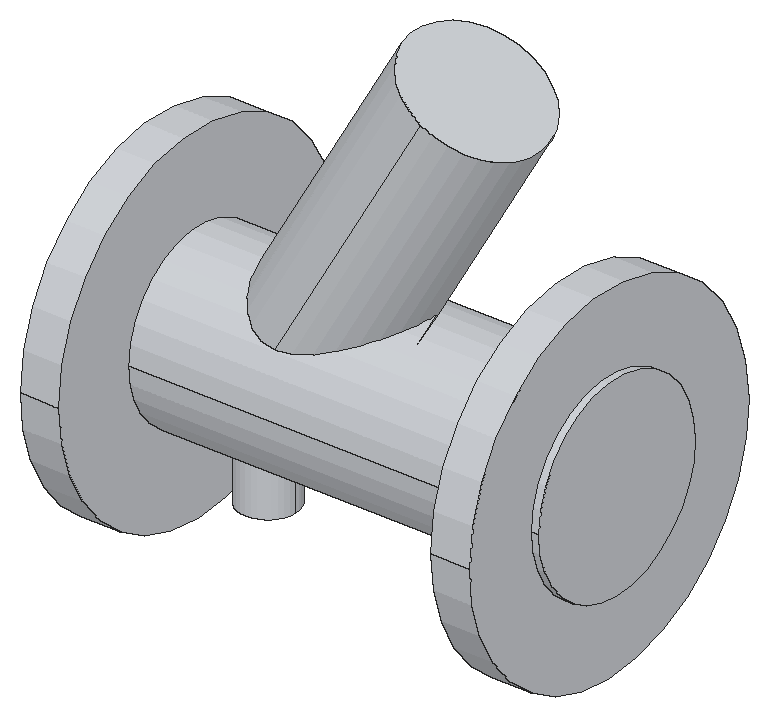
Revit family "HS 821-síto_standard-PN25-DN040-RFA_2019", category Pipe Accessories, Revit 2019
Family settings
  Round Connector Dimension = Use Diameter
  Part Type = Breaks Into
  Work Plane-Based = No
  Always vertical = Yes
  Cut with Voids When Loaded = No
  Shared = No
Parameters (values of type "821D-DN040-PN25-síto_standard")
  magiProductId = "c54511bd7f584ec2984291479612cb"
  magiProductFamilyId = "79214ac3aaa945e397802f559f5c1e"
  magiPartTypeId = 307
  isMeasuringValve [instance] = no
  ang2D [instance] = 0.00°
  ZB__ve = -ZB  # -24.5 mm
  ZB1 = 34.02 mm
  ZB = 24.5 mm
  X2 = 75.777 mm
  X1 = 28 mm
  W2D = 15 mm
  VersionID = "2.0/2017.9.26.1/ZETKAMA_821_001"
  Use Minimum Symbol Size [instance] = yes
  URL = "www.hydronic.cz"
  Type Comments = "Filtr přírubový; síto standardní; A-PN16 (-10~300°C); D-PN25 (-10~350°C); F-PN40 (-10~400°C)"
  S = 84 mm
  QmdConnectorList = "301;D;302;D"
  Productdata [instance] = ""
  Manufacturer = "Hydronic Systems Prague s.r.o."
  MC Product Code = "200 240 (821D; DN040; PN25; kvs37,7; oko síta 1,00mm)"
  LM1 = 16 mm
  LM = 160 mm
  L4 = 50 mm
  L2D_Min = 3048 mm
  L2D = 130 mm
  L2 = 100 mm
  HH2 = 131.25 mm
  FD = 150 mm
  Description = "Filtr přírubový; síto standardní; 821A-PN16; 821D-PN25; 821F-PN40"
  DM1 = 60 mm
  DM = 75.6 mm
  D = 40 mm
  CC = 3.4 mm
  CAT0 = yes
  C1 = 16.6 mm
  C = 20 mm
  BD = 23.814 mm
Types (40, lengths in mm): name | magiProductId | ZB__ve | ZB1 | ZB | X2 | X1 | S | MC Product Code | LM1 | LM | L4 | L2 | HH2 | FD | DM1 | DM | D | CC | C1 | C | BD
  821A-DN015-PN16-síto_standard | "a71bcfe8b393460598b23e8ddf7dc5" | -16.25 | 18.63 | 16.25 | 46.982 | 18.2 | 46 | "200 115 (821A; DN015; PN16; kvs6,3; oko síta 1,00mm)" | 10.4 | 104 | 32.5 | 65 | 81.375 | 95 | 27.6 | 41.4 | 15 | 2.21 | 10.79 | 13 | 13.041
  821A-DN020-PN16-síto_standard | "41cd6c7a12924f4991217528336076" | -17.75 | 22.68 | 17.75 | 51.673 | 21 | 56 | "200 120 (821A; DN020; PN16; kvs11,2; oko síta 1,00mm)" | 12 | 120 | 37.5 | 75 | 89.5 | 105 | 33.6 | 50.4 | 20 | 2.55 | 12.45 | 15 | 15.876
  821A-DN025-PN16-síto_standard | "be378b463ed14c3abf4c9b3ae8cf3a" | -19.25 | 26.325 | 19.25 | 58.601 | 22.4 | 65 | "200 125 (821A; DN025; PN16; kvs14,7; oko síta 1,00mm)" | 12.8 | 128 | 40 | 80 | 101.5 | 115 | 43.2 | 58.5 | 25 | 2.72 | 13.28 | 16 | 18.427
  821A-DN032-PN16-síto_standard | "227a0d18b21540afabe8b6067d35fa" | -23 | 30.78 | 23 | 68.849 | 25.2 | 76 | "200 132 (821A; DN032; PN16; kvs23,7; oko síta 1,00mm)" | 14.4 | 144 | 45 | 90 | 119.25 | 140 | 50.4 | 68.4 | 32 | 3.06 | 14.94 | 18 | 21.546
  821A-DN040-PN16-síto_standard | "d106917c74724141a10440112d0102" | -24.5 | 34.02 | 24.5 | 75.777 | 28 | 84 | "200 140 (821A; DN040; PN16; kvs37,7; oko síta 1,00mm)" | 16 | 160 | 50 | 100 | 131.25 | 150 | 60 | 75.6 | 40 | 3.4 | 16.6 | 20 | 23.814
  821A-DN050-PN16-síto_standard | "8255d456a09e4f6486734f5dd9171b" | -26.75 | 40.095 | 26.75 | 79.061 | 32.2 | 99 | "200 150 (821A; DN050 PN16; kvs57,9; oko síta 1,00mm)" | 18.4 | 184 | 57.5 | 115 | 136.938 | 165 | 73.8 | 89.1 | 50 | 3.91 | 19.09 | 23 | 28.066
  821A-DN065-PN16-síto_standard | "235b1b3e4c0843779a4d5e3716d40a" | -29.75 | 47.79 | 29.75 | 86.927 | 40.6 | 118 | "200 165 (821A; DN065; PN16; kvs101,5; oko síta 1,25mm)" | 23.2 | 232 | 72.5 | 145 | 150.562 | 185 | 94.2 | 106.2 | 65 | 4.93 | 24.07 | 29 | 33.453
  821A-DN080-PN16-síto_standard | "a067f7c5236348ed8c820d16df7214" | -32 | 53.46 | 32 | 104.753 | 43.4 | 132 | "200 180 (821A; DN080; PN16; kvs147,4; oko síta 1,25mm)" | 24.8 | 248 | 77.5 | 155 | 181.438 | 200 | 107.4 | 118.8 | 80 | 5.27 | 25.73 | 31 | 37.422
  821A-DN100-PN16-síto_standard | "c49a648c2747461285837d643703cd" | -35 | 63.18 | 35 | 114.857 | 49 | 156 | "200 190 (821A; DN100; PN16; kvs209,6; oko síta 1,60mm)" | 28 | 280 | 87.5 | 175 | 198.937 | 220 | 131.4 | 140.4 | 100 | 5.95 | 29.05 | 35 | 44.226
  821A-DN125-PN16-síto_standard | "bf68e728a163493cbd2a663b26ebdc" | -39.5 | 74.52 | 39.5 | 131.888 | 56 | 184 | "200 191 (821A; DN125; PN16; kvs326,2; oko síta 1,60mm)" | 32 | 320 | 100 | 200 | 228.438 | 250 | 165 | 165.6 | 125 | 6.8 | 33.2 | 40 | 52.164
  821A-DN150-PN16-síto_standard | "2de770284b654863ae6bc865769dc5" | -44.75 | 85.455 | 44.75 | 155.885 | 67.2 | 211 | "200 192 (821A; DN150; PN16; kvs403; oko síta 1,60mm)" | 38.4 | 384 | 120 | 240 | 270 | 285 | 192 | 189.9 | 150 | 8.16 | 39.84 | 48 | 59.818
  821A-DN200-PN16-síto_standard | "8e5693371ab64aabb29a7f08c76e15" | -53 | 107.73 | 53 | 188.361 | 84 | 266 | "200 193 (821A; DN200; PN16; kvs707; oko síta 1,60mm)" | 48 | 480 | 150 | 300 | 326.25 | 340 | 252 | 239.4 | 200 | 10.2 | 49.8 | 60 | 75.411
  821A-DN250-PN16-síto_standard | "05e37ed948c34047acdd4c42556504" | -62.75 | 129.195 | 62.75 | 255.911 | 102.2 | 319 | "200 194 (821A; DN250; PN16; kvs1234; oko síta 1,60mm)" | 58.4 | 584 | 182.5 | 365 | 443.25 | 405 | 309.6 | 287.1 | 250 | 12.41 | 60.59 | 73 | 90.436
  821A-DN300-PN16-síto_standard | "9ad0af747269428da925480d83ce80" | -71 | 149.85 | 71 | 325.914 | 119 | 370 | "200 195 (821A; DN300; PN16; kvs1916; oko síta 1,60mm)" | 68 | 680 | 212.5 | 425 | 564.5 | 460 | 369.6 | 333 | 300 | 14.45 | 70.55 | 85 | 104.895
  821A-DN350-PN16-síto_standard | "eebc71459bb3451bb4355e7951370a" | -80 | 173.745 | 80 | 356.875 | 137.2 | 429 | "200 196 (821A; DN350; PN16; kvs2621; oko síta 1,60mm)" | 78.4 | 784 | 245 | 490 | 618.125 | 520 | 438 | 386.1 | 350 | 16.66 | 81.34 | 98 | 121.621
  821A-DN400-PN16-síto_standard | "d2f677cb196647e385b2590e7d8abe" | -89 | 194.4 | 89 | 392.237 | 154 | 480 | "200 197 (821A; DN400; PN16; kvs3460; oko síta 1,60mm)" | 88 | 880 | 275 | 550 | 679.375 | 580 | 498 | 432 | 400 | 18.7 | 91.3 | 110 | 136.08
  821D-DN015-PN25-síto_standard | "27ddcbf555414f8ca1fde329bf9087" | -16.25 | 18.63 | 16.25 | 46.982 | 18.2 | 46 | "200 215 (821D; DN015; PN25; kvs6,3; oko síta 1,00mm)" | 10.4 | 104 | 32.5 | 65 | 81.375 | 95 | 27.6 | 41.4 | 15 | 2.21 | 10.79 | 13 | 13.041
  821D-DN020-PN25-síto_standard | "270e0f14012f47189cd0235c18faee" | -17.75 | 22.68 | 17.75 | 51.673 | 21 | 56 | "200 220 (821D; DN020; PN25; kvs11,2; oko síta 1,00mm)" | 12 | 120 | 37.5 | 75 | 89.5 | 105 | 33.6 | 50.4 | 20 | 2.55 | 12.45 | 15 | 15.876
  821D-DN025-PN25-síto_standard | "b9a7fb4aa36643878c637d8e1ab992" | -19.25 | 26.325 | 19.25 | 58.601 | 22.4 | 65 | "200 225 (821D; DN025; PN25; kvs14,7; oko síta 1,00mm)" | 12.8 | 128 | 40 | 80 | 101.5 | 115 | 43.2 | 58.5 | 25 | 2.72 | 13.28 | 16 | 18.427
  821D-DN032-PN25-síto_standard | "6be9a55c4e68400f94eec7e804204c" | -23 | 30.78 | 23 | 68.849 | 25.2 | 76 | "200 232 (821D; DN032; PN25; kvs23,7; oko síta 1,00mm)" | 14.4 | 144 | 45 | 90 | 119.25 | 140 | 50.4 | 68.4 | 32 | 3.06 | 14.94 | 18 | 21.546
  821D-DN040-PN25-síto_standard | "c54511bd7f584ec2984291479612cb" | -24.5 | 34.02 | 24.5 | 75.777 | 28 | 84 | "200 240 (821D; DN040; PN25; kvs37,7; oko síta 1,00mm)" | 16 | 160 | 50 | 100 | 131.25 | 150 | 60 | 75.6 | 40 | 3.4 | 16.6 | 20 | 23.814
  821D-DN050-PN25-síto_standard | "5483b1f596b04cd39b23a14a22c90e" | -26.75 | 40.095 | 26.75 | 79.061 | 32.2 | 99 | "200 250 (821D; DN050; PN25; kvs57,9; oko síta 1,00mm)" | 18.4 | 184 | 57.5 | 115 | 136.938 | 165 | 73.8 | 89.1 | 50 | 3.91 | 19.09 | 23 | 28.066
  821D-DN065-PN25-síto_standard | "767b0f8318e94750bc7a9930ed5b30" | -29.75 | 47.79 | 29.75 | 86.927 | 40.6 | 118 | "200 265 (821D; DN065; PN25; kvs101,5; oko síta 1,25mm)" | 23.2 | 232 | 72.5 | 145 | 150.562 | 185 | 94.2 | 106.2 | 65 | 4.93 | 24.07 | 29 | 33.453
  821D-DN080-PN25-síto_standard | "e21040fa3cc2404b858198f6b73709" | -32 | 53.46 | 32 | 104.753 | 43.4 | 132 | "200 280 (821D; DN080; PN25; kvs147,4; oko síta 1,25mm)" | 24.8 | 248 | 77.5 | 155 | 181.438 | 200 | 107.4 | 118.8 | 80 | 5.27 | 25.73 | 31 | 37.422
  821D-DN100-PN25-síto_standard | "175ca87a506b40b3bc6b82f12f33cf" | -37.25 | 63.18 | 37.25 | 114.857 | 49 | 156 | "200 290 (821D; DN100; PN25; kvs209,6; oko síta 1,60mm)" | 28 | 280 | 87.5 | 175 | 198.937 | 235 | 131.4 | 140.4 | 100 | 5.95 | 29.05 | 35 | 44.226
  821D-DN125-PN25-síto_standard | "77cc98d60da24855999a22dff726b2" | -42.5 | 74.52 | 42.5 | 131.888 | 56 | 184 | "200 291 (821D; DN125; PN25; kvs326,2; oko síta 1,60mm)" | 32 | 320 | 100 | 200 | 228.438 | 270 | 165 | 165.6 | 125 | 6.8 | 33.2 | 40 | 52.164
  821D-DN150-PN25-síto_standard | "9cf8acfcd15547d68e83172d3abcbe" | -47 | 85.455 | 47 | 155.885 | 67.2 | 211 | "200 292 (821D; DN150; PN25; kvs403; oko síta 1,60mm)" | 38.4 | 384 | 120 | 240 | 270 | 300 | 192 | 189.9 | 150 | 8.16 | 39.84 | 48 | 59.818
  821D-DN200-PN25-síto_standard | "16973f3c9ea14389ba8602495a6b64" | -56 | 110.97 | 56 | 188.361 | 84 | 274 | "200 293 (821D; DN200; PN25; kvs707; oko síta 1,60mm)" | 48 | 480 | 150 | 300 | 326.25 | 360 | 252 | 246.6 | 200 | 10.2 | 49.8 | 60 | 77.679
  821F-DN015-PN40-síto_standard | "4c7eaf3c4c0340888b3e684d8a8616" | -16.25 | 18.225 | 16.25 | 46.982 | 18.2 | 45 | "240 615 (821F; DN015; PN40; kvs6,3; oko síta 1,00mm)" | 10.4 | 104 | 32.5 | 65 | 81.375 | 95 | 27.6 | 40.5 | 15 | 2.21 | 10.79 | 13 | 12.757
  821F-DN020-PN40-síto_standard | "aaac5f1ec96b44d6ba96ac2293d66d" | -17.75 | 23.49 | 17.75 | 51.673 | 21 | 58 | "240 620 (821F; DN020; PN40; kvs11,2; oko síta 1,00mm)" | 12 | 120 | 37.5 | 75 | 89.5 | 105 | 33.6 | 52.2 | 20 | 2.55 | 12.45 | 15 | 16.443
  821F-DN025-PN40-síto_standard | "504768023968471481789485b54c7e" | -19.25 | 27.54 | 19.25 | 58.601 | 22.4 | 68 | "240 625 (821F; DN025; PN40; kvs14,7; oko síta 1,00mm)" | 12.8 | 128 | 40 | 80 | 101.5 | 115 | 43.2 | 61.2 | 25 | 2.72 | 13.28 | 16 | 19.278
  821F-DN032-PN40-síto_standard | "165e7f39cf744f329bdf1c400dad12" | -23 | 31.59 | 23 | 68.849 | 25.2 | 78 | "240 632 (821F; DN032; PN40; kvs23,7; oko síta 1,00mm)" | 14.4 | 144 | 45 | 90 | 119.25 | 140 | 50.4 | 70.2 | 32 | 3.06 | 14.94 | 18 | 22.113
  821F-DN040-PN40-síto_standard | "b8903f952089408fbf3a5a632bab1f" | -24.5 | 35.64 | 24.5 | 75.777 | 28 | 88 | "240 640 (821F; DN040; PN40; kvs37,7; oko síta 1,00mm)" | 16 | 160 | 50 | 100 | 131.25 | 150 | 60 | 79.2 | 40 | 3.4 | 16.6 | 20 | 24.948
  821F-DN050-PN40-síto_standard | "c451f97266fe48da8f879cb6a2bd44" | -26.75 | 41.31 | 26.75 | 79.061 | 32.2 | 102 | "240 650 (821F; DN050; PN40; kvs57,9; oko síta 1,00mm)" | 18.4 | 184 | 57.5 | 115 | 136.938 | 165 | 73.8 | 91.8 | 50 | 3.91 | 19.09 | 23 | 28.917
  821F-DN065-PN40-síto_standard | "dc9821e3f9b34e128f6a8c6b34c198" | -29.75 | 49.41 | 29.75 | 86.927 | 40.6 | 122 | "240 665 (821F; DN065; PN40; kvs101,5; oko síta 1,25mm)" | 23.2 | 232 | 72.5 | 145 | 150.562 | 185 | 94.2 | 109.8 | 65 | 4.93 | 24.07 | 29 | 34.587
  821F-DN080-PN40-síto_standard | "689aa1e260f84cf4994f027a1d86b5" | -32 | 55.89 | 32 | 104.753 | 43.4 | 138 | "240 680 (821F; DN080; PN40; kvs147,4; oko síta 1,25mm)" | 24.8 | 248 | 77.5 | 155 | 181.438 | 200 | 107.4 | 124.2 | 80 | 5.27 | 25.73 | 31 | 39.123
  821F-DN100-PN40-síto_standard | "8a45d4e8e2ab425f8c432f21d684f3" | -37.25 | 65.61 | 37.25 | 114.857 | 49 | 162 | "240 690 (821F; DN100; PN40; kvs209,6; oko síta 1,6mm)" | 28 | 280 | 87.5 | 175 | 198.937 | 235 | 131.4 | 145.8 | 100 | 5.95 | 29.05 | 35 | 45.927
  821F-DN125-PN40-síto_standard | "cf073904c006406b8645afa67ea2fc" | -42.5 | 76.14 | 42.5 | 131.888 | 56 | 188 | "240 691 (821F; DN125; PN40; kvs326,2; oko síta 1,6mm)" | 32 | 320 | 100 | 200 | 228.438 | 270 | 165 | 169.2 | 125 | 6.8 | 33.2 | 40 | 53.298
  821F-DN150-PN40-síto_standard | "0153b9ddabe14992a630484929fdbc" | -47 | 88.29 | 47 | 155.885 | 67.2 | 218 | "240 692 (821F; DN150; PN40; kvs403; oko síta 1,6mm)" | 38.4 | 384 | 120 | 240 | 270 | 300 | 192 | 196.2 | 150 | 8.16 | 39.84 | 48 | 61.803
  821F-DN200-PN40-síto_standard | "7fb3fc01dd8d42428c203e3f8dd4d5" | -56 | 115.425 | 56 | 188.361 | 84 | 285 | "240 693 (821F; DN200; PN40; kvs707; oko síta 1,6mm)" | 48 | 480 | 150 | 300 | 326.25 | 360 | 252 | 256.5 | 200 | 10.2 | 49.8 | 60 | 80.797
Reference planes
  plane 1 "Center (Front/Back)": y = 0
  plane 2 "XYPLANE": z = 0
  plane 3 "Center (Left/Right)": x = 0
  plane 4 "109": x = -64
  plane 5 "108": x = 80
  plane 6 "107": x = -80
  plane 7 "105": x = 100
  plane 8 "104": x = -100
  plane 9 "103": y = 0
  plane 10 "102": z = 0
  plane 11 "101": x = -96.6
  plane 12 "100": x = 96.6
  plane 13 "11": x = -36
  plane 14 "10": z = 131.25
  plane 15 "9": x = 39.777
  plane 16 "5": z = -34.02
  plane 17 "4": x = -50
  plane 18 "1": x = 50
Forms (mm)
  Extrusion 1, solid, visible <- "CAT0"
    sketch origin (-80, -750, 0) x (0, 1, 0) y (0, 0, 1)
      loop
        circle (750, 0) r 37.8
    from 0 to 160 <- "LM"
  Extrusion 2, solid
    sketch origin (-100, -750, 0) x (0, 1, 0) y (0, 0, 1)
      loop
        circle (750, 0) r 42
    from 0 to 3.4 <- "CC"
  Extrusion 3, solid
    sketch origin (-96.6, -750, 0) x (0, 1, 0) y (0, 0, 1)
      loop
        circle (750, 0) r 75
    from 0 to 16.6 <- "C1"
  Extrusion 4, solid
    sketch origin (80, -750, 0) x (0, 1, 0) y (0, 0, 1)
      loop
        circle (750, 0) r 75
    from 0 to 16.6 <- "C1"
  Extrusion 5, solid
    sketch origin (96.6, -750, 0) x (0, 1, 0) y (0, 0, 1)
      loop
        circle (750, 0) r 42
    from 0 to 3.4 <- "CC"
  Sweep 6, solid, visible <- "CAT0"
    path origin (750, 0, 0) x (-1, 0, 0) y (0, 0, 1)
      loop
        line (830, 0) -> (786, 0) -> (710.223, 131.25)
    profile origin (-80, 0, 0) x (0, 0, -1) y (0, 1, 0)
      loop
        circle (0, 0) r 30
  Extrusion 7, solid, visible <- "CAT0"
    sketch origin (-750, 0, -34.02) x (1, 0, 0) y (0, 1, 0)
      loop
        circle (700, 0) r 11.907
    from 0 to -24.5 <- "ZB__ve"
  Extrusion 8, solid, visible <- "CAT0"
    sketch origin (-750, 0, -34.02) x (1, 0, 0) y (0, 1, 0)
      loop
        circle (800, 0) r 11.907
    from 0 to -24.5 <- "ZB__ve"
  Extrusion 9, solid, not visible
    sketch origin (100, -750, 0) x (0, 1, 0) y (0, 0, 1)
      loop
        circle (750, 0) r 10
    from 0 to -10
  Extrusion 10, solid, not visible
    sketch origin (-100, -750, 0) x (0, 1, 0) y (0, 0, 1)
      loop
        circle (750, 0) r 10
    from 0 to 10
Lines and regions (mm)
  reference lines, not visible
    curve 1: circle (2, 2, 0) r 1 normal (0, 0, 1)
Dimensions and locks
  plane 1 "Center (Front/Back)" to curve 1 = 2 mm
  "LM1": plane 6 "107" to plane 4 "109"
  "LM": plane 6 "107" to plane 5 "108"
  "C": plane 8 "104" to plane 6 "107"
  "L2": plane 3 "Center (Left/Right)" to plane 7 "105"
  "L2": plane 3 "Center (Left/Right)" to plane 8 "104"
  locked: plane 1 "Center (Front/Back)" to plane 9 "103"
  locked: plane 2 "XYPLANE" to plane 10 "102"
  "CC": plane 8 "104" to plane 11 "101"
  "C1": plane 5 "108" to plane 12 "100"
  "X1": plane 4 "109" to plane 13 "11"
  "HH2": plane 2 "XYPLANE" to plane 14 "10"
  "X2": plane 13 "11" to plane 15 "9"
  "ZB1": plane 2 "XYPLANE" to plane 16 "5"
  "L4": plane 8 "104" to plane 17 "4"
  "L2": plane 17 "4" to plane 18 "1"
  Sweep 6 sketch curve to Sweep 6 sketch curve = 0 mm  (x2)
  "DM": diameter of Extrusion 1 sketch curve
  "S": diameter of Extrusion 2 sketch curve
  "FD": diameter of Extrusion 3 sketch curve
  "FD": diameter of Extrusion 4 sketch curve
  "S": diameter of Extrusion 5 sketch curve
  "DM1": diameter of Sweep 6 sketch curve
  "BD": diameter of Extrusion 7 sketch curve
  "BD": diameter of Extrusion 8 sketch curve
  aligned and locked: level to plane 2 "XYPLANE"
  aligned and locked: Extrusion 1 sketch curve to plane 9 "103"
  aligned and locked: plane 10 "102" to Extrusion 1 sketch curve
  aligned and locked: Extrusion 2 sketch curve to plane 9 "103"
  aligned and locked: plane 10 "102" to Extrusion 2 sketch curve
  aligned and locked: Extrusion 3 sketch curve to plane 9 "103"
  aligned and locked: plane 10 "102" to Extrusion 3 sketch curve
  aligned and locked: Extrusion 4 sketch curve to plane 9 "103"
  aligned and locked: plane 10 "102" to Extrusion 4 sketch curve
  aligned and locked: Extrusion 5 sketch curve to plane 9 "103"
  aligned and locked: plane 10 "102" to Extrusion 5 sketch curve
  aligned and locked: Sweep 6 sketch curve to plane 9 "103"
  aligned and locked: plane 10 "102" to Sweep 6 sketch curve  (x3)
  aligned and locked: plane 6 "107" to Sweep 6 sketch curve
  aligned and locked: plane 13 "11" to Sweep 6 sketch curve
  aligned and locked: plane 14 "10" to Sweep 6 sketch curve
  aligned and locked: plane 15 "9" to Sweep 6 sketch curve
  aligned and locked: plane 9 "103" to Extrusion 7 sketch curve
  aligned and locked: plane 17 "4" to Extrusion 7 sketch curve
  aligned and locked: plane 9 "103" to Extrusion 8 sketch curve
  aligned and locked: plane 18 "1" to Extrusion 8 sketch curve
  aligned and locked: Extrusion 9 sketch curve to plane 9 "103"
  aligned and locked: plane 10 "102" to Extrusion 9 sketch curve
  aligned and locked: Extrusion 10 sketch curve to plane 9 "103"
  aligned and locked: plane 10 "102" to Extrusion 10 sketch curve
Automatic sketch dimensions
  plane 1 "Center (Front/Back)" to Extrusion 9 sketch curve = 10 mm
  plane 1 "Center (Front/Back)" to Extrusion 10 sketch curve = 10 mm
  plane 3 "Center (Left/Right)" to curve 1 = 2 mm
  radius of curve 1 = 1 mm
Connectors
  piping at (-100, 0, 0), diameter 40, driven by "D"
    settings: on Extrusion 10, index 1, connector inside diameter 609.6 mm, connector length 0 mm, flow factor 0, pipe flow 0.0 L/s, pressure drop 0.0 Pa, fitting loss kfactor 0, connector angle 0.00°, fixture units 0, engagement length 0 mm, angle of deflection 0.00°, flow configuration 0, flow direction 0, fitting loss method 0, system type 29, joint type 0, gender type 0, connector reference index 2, connector utility 0, adjustable connector no, is connector primary yes, connector description ""
  piping at (100, 0, 0), diameter 40, driven by "D"
    settings: on Extrusion 9, index 2, connector inside diameter 609.6 mm, connector length 0 mm, flow factor 0, pipe flow 0.0 L/s, pressure drop 0.0 Pa, fitting loss kfactor 0, connector angle 0.00°, fixture units 0, engagement length 0 mm, angle of deflection 0.00°, flow configuration 0, flow direction 0, fitting loss method 0, system type 29, joint type 0, gender type 0, connector reference index 1, connector utility 0, adjustable connector no, is connector primary no, connector description ""
